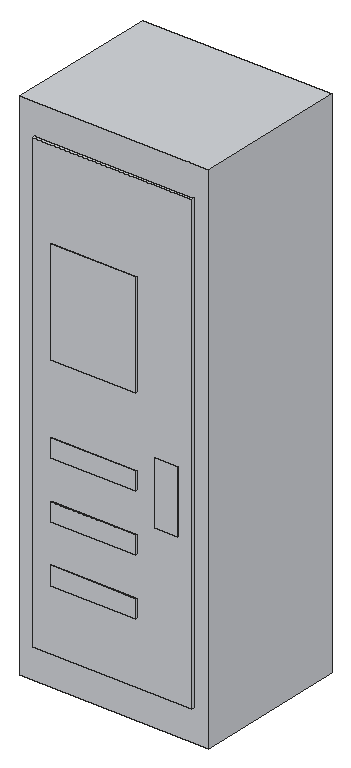
Revit family "GIS_ProtectionPanel", category Equipamento elétrico, Revit 2027
Family settings
  Configuração do painel = Duas colunas, circuitos transversais
  Cota do conector redondo = Utilizar diâmetro
  Tipo de parte = Painel de controle
  Com base no plano de trabalho = Não
  Sempre na vertical = Sim
  Corte com vazios quando carregada = Não
  Manter orientação da anotação = Não
  Compartilhado = Não
  Ponto de cálculo do ambiente = Não
Parameters (values of type "PROTECTION_PANEL_125VDC_STUDY")
  Default Elevation = 0 mm
  built-in parameter 1140142 [instance] = (empty or 0)
  built-in parameter 1140140 [instance] = 1 (stored number, unit not read)
  BIM_TensaoSecundaria_kV = 0
  BIM_TensaoNominal_kV = 0.125
  BIM_TensaoClasse_kV = 0.125
  BIM_TensaoClasseSecundaria_kV = 0
  BIM_Sistema_Elemento [instance] = ""
  BIM_ReferenciaCatalogo = "Portfolio study assumption: 125 V DC control supply; panel design and utility philosophy pending"
  BIM_Profundidade = 650 mm
  BIM_Potencia_MVA = 0
  BIM_Localizacao [instance] = ""
  BIM_Largura = 800 mm
  BIM_Impedancia_pu = 0
  BIM_FonteGeometria = "Portfolio study assumption: 125 V DC control supply; panel design and utility philosophy pending"
  BIM_Fabricante = "NAO SELECIONADO"
  BIM_EstadoGeometria = "ESTIMATED"
  BIM_EstadoEspecificacao = "PREMISSA / NAO SELECIONADO"
  BIM_DescricaoEstudo = "Painel de protecao, controle e supervisao; 125 Vcc e premissa, IEDs e arquitetura funcionais pendentes."
  BIM_CorrenteReferenciaSecundaria_A = 0
  BIM_CorrenteNominal_A = 0
  BIM_Bay [instance] = ""
  BIM_AlturaCorpoPrincipal = 2200 mm
  BIM_Altura = 2200 mm
  built-in parameter 1155100 [instance] = (empty or 0)
Reference planes
  plane 1 "Centro (Frente/Trás)": y = 0
  plane 2: z = 0
  plane 3 "Centro (Esquerda/Direita)": x = 0
  plane 4 "BIM Left": x = -400
  plane 5 "BIM Right": x = 400
  plane 6 "BIM Front": y = -325
  plane 7 "BIM Back": y = 325
Forms (mm)
  Extrusion 1, solid
    sketch origin (0, 0, 0) x (1, 0, 0) y (0, 1, 0)
      loop
        line (-400, -325) -> (400, -325) -> (400, 325) -> (-400, 325) -> (-400, -325)
    from 0 to 2200 <- "BIM_AlturaCorpoPrincipal"
  Extrusion 2, solid
    sketch origin (0, 0, 132) x (1, 0, 0) y (0, 1, 0)
      loop
        line (-336, -337.192) -> (336, -337.192) -> (336, -325) -> (-336, -325) -> (-336, -337.192)
    from 0 to 1936
  Extrusion 3, solid
    sketch origin (0, 0, 1254) x (1, 0, 0) y (0, 1, 0)
      loop
        line (-256, -343.288) -> (104, -343.288) -> (104, -325) -> (-256, -325) -> (-256, -343.288)
    from 0 to 440
  Extrusion 4, solid
    sketch origin (0, 0, 396) x (1, 0, 0) y (0, 1, 0)
      loop
        line (-256, -341.764) -> (104, -341.764) -> (104, -325) -> (-256, -325) -> (-256, -341.764)
    from 0 to 77
  Extrusion 5, solid
    sketch origin (0, 0, 638) x (1, 0, 0) y (0, 1, 0)
      loop
        line (-256, -341.764) -> (104, -341.764) -> (104, -325) -> (-256, -325) -> (-256, -341.764)
    from 0 to 77
  Extrusion 6, solid
    sketch origin (0, 0, 880) x (1, 0, 0) y (0, 1, 0)
      loop
        line (-256, -341.764) -> (104, -341.764) -> (104, -325) -> (-256, -325) -> (-256, -341.764)
    from 0 to 77
  Extrusion 7, solid
    sketch origin (0, 0, 770) x (1, 0, 0) y (0, 1, 0)
      loop
        line (184, -341.764) -> (280, -341.764) -> (280, -325) -> (184, -325) -> (184, -341.764)
    from 0 to 264
Dimensions and locks
  "BIM_Largura": plane 4 "BIM Left" to plane 5 "BIM Right"
  "BIM_Profundidade": plane 6 "BIM Front" to plane 7 "BIM Back"
  aligned and locked: level to plane 2
  aligned and locked: plane 4 "BIM Left" to Extrusion 1
  aligned and locked: Extrusion 1 to plane 5 "BIM Right"
  aligned and locked: Extrusion 1 to plane 6 "BIM Front"
  aligned and locked: plane 7 "BIM Back" to Extrusion 1
Automatic sketch dimensions
  Extrusion 1 sketch curve to plane 4 "BIM Left" = 0 mm
  Extrusion 1 sketch curve to plane 5 "BIM Right" = 0 mm
  Extrusion 1 sketch curve to plane 6 "BIM Front" = 0 mm
  Extrusion 1 sketch curve to plane 7 "BIM Back" = 0 mm
  Extrusion 2 sketch curve to plane 6 "BIM Front" = 0 mm
  Extrusion 2 sketch curve to plane 6 "BIM Front" = 12.192 mm
  Extrusion 2 sketch curve to plane 4 "BIM Left" = 64 mm
  plane 5 "BIM Right" to Extrusion 2 sketch curve = 64 mm
  Extrusion 3 sketch curve to plane 6 "BIM Front" = 0 mm
  Extrusion 3 sketch curve to plane 6 "BIM Front" = 18.288 mm
  Extrusion 3 sketch curve to plane 4 "BIM Left" = 144 mm
  plane 3 "Centro (Esquerda/Direita)" to Extrusion 3 sketch curve = 104 mm
  Extrusion 4 sketch curve to plane 6 "BIM Front" = 0 mm
  Extrusion 4 sketch curve to plane 6 "BIM Front" = 16.764 mm
  Extrusion 4 sketch curve to plane 4 "BIM Left" = 144 mm
  plane 3 "Centro (Esquerda/Direita)" to Extrusion 4 sketch curve = 104 mm
  Extrusion 5 sketch curve to plane 6 "BIM Front" = 0 mm
  Extrusion 5 sketch curve to plane 6 "BIM Front" = 16.764 mm
  Extrusion 5 sketch curve to plane 4 "BIM Left" = 144 mm
  plane 3 "Centro (Esquerda/Direita)" to Extrusion 5 sketch curve = 104 mm
  Extrusion 6 sketch curve to plane 6 "BIM Front" = 0 mm
  Extrusion 6 sketch curve to plane 6 "BIM Front" = 16.764 mm
  Extrusion 6 sketch curve to plane 4 "BIM Left" = 144 mm
  plane 3 "Centro (Esquerda/Direita)" to Extrusion 6 sketch curve = 104 mm
  Extrusion 7 sketch curve to plane 6 "BIM Front" = 0 mm
  Extrusion 7 sketch curve to plane 6 "BIM Front" = 16.764 mm
  plane 3 "Centro (Esquerda/Direita)" to Extrusion 7 sketch curve = 184 mm
  Extrusion 7 sketch curve to Extrusion 7 sketch curve = 96 mm
